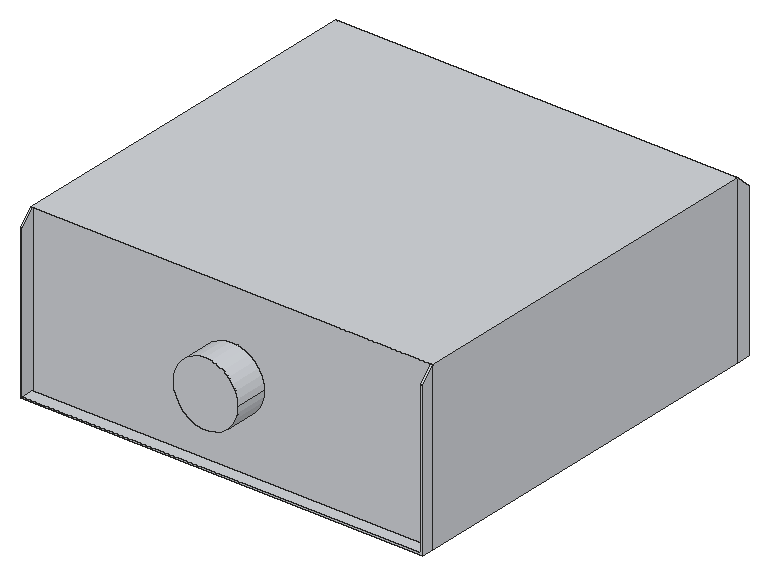
Revit family "CADS_Vent-Axia_MechEquip_Fan_ATQ - SUPPLY", category Mechanical Equipment, host Face, Revit 2020
Family settings
  Host = Face
  Round Connector Dimension = Use Diameter
  Classification = None
  Part Type = Normal
  OmniClass Number = 23.75.35.17.11
  OmniClass Title = Fans for Air Ductwork
  Cut with Voids When Loaded = No
  Shared = No
  Room Calculation Point = No
Parameters (values of type "ATQ10012D")
  WorkingPressure = 0.0 Pa
  WarrantyStartDate [instance] = "1900-12-31T23:59:59"
  WarrantyPeriod = ""
  WarrantyIdentifier = "N/A"
  WarrantyGuarantorParts = ""
  WarrantyGuarantorLabor = ""
  WarrantyGuarantor = ""
  WarrantyEndDate [instance] = "1900-12-31T23:59:59"
  WarrantyContent = ""
  W = 0 mm
  Type Image = <None>
  TemperatureRange = ""
  TagNumber [instance] = "N/A"
  SustainabilityPerformance = ""
  Status = "New"
  SpigotCLHeight = NominalHeight / 2  # 128 mm
  Size = "935mm x892mm x426mm"
  Shape = ""
  ServiceLifeType = ""
  ServiceLifeDuration = ""
  SerialNumber [instance] = "N/A"
  ReplacementCost = ""
  RatedVoltage = 0 V
  RatedCurrent = 0 A
  Quantity = 1
  ProductionYear = ""
  PressureCurve = ""
  PowerFactor = ""
  PointOfContact = ""
  OutOffset = 0 mm  # constant formula
  NumberOfPoles = 0
  NominalWidth = 622 mm
  NominalLength = 610 mm
  NominalHeight = 256 mm
  NominalFrequencyRange = ""
  NominalDiameter = 100 mm
  ModelReference = "TWIN ACOUSTIC BOX FAN, 315 DIA SPIGOTS"
  ModelNumber = "ATQ31512LD"
  Material = ""
  ManufacturerE-Mail = "tech@vent-axia.com"
  ManufacturerAddress = "Fleming Way\nCrawley \nRH10 9YX"
  L = NominalLength - 20 mm  # 590 mm
  IsExtendedWarranty = no
  InsulationStandardClass = ""
  InstallationDate [instance] = "1900-12-31T23:59:59"
  IfcExportType [instance] = ""
  IfcExportAs [instance] = "IfcFanType"
  IP_Code = ""
  HasProtectiveEarth = no
  H = 0 mm
  GrossWeight = 0.00 kg
  Grade = ""
  GlobalTradeItemNumber [instance] = "N/A"
  Fitting Type = "Ignore"
  Finish = ""
  Features = ""
  ExteriorInsulation = no
  ExpectedServiceLife = 0
  Exclusions = ""
  EBVoffset = 80.486 mm
  EBHoffset = 205.5 mm
  DurationUnit = "Year"
  Default Elevation = 1219.2 mm
  Constituents = ""
  ConductorFunction = ""
  Color = ""
  CodePerformance = ""
  Category = ""
  CADS_Usage = 0
  CADS_Index = 0
  AssetType = "FIXED"
  AssetIdentifier [instance] = "N/A"
  AssemblyPlace = "UNKNOWN"
  ArticleNumber [instance] = "N/A"
  AirflowRateRange = 0.0 L/s
  Air Flow [instance] = 0.0 L/s
  AccessibilityPerformance = ""
Types (9, lengths in mm): name | Type Image | SpigotCLHeight | Size | NominalWidth | NominalLength | NominalHeight | NominalDiameter | ModelReference | ModelNumber | L | EBVoffset | EBHoffset
  ATQ10012D | <None> | 128 | "935mm x892mm x426mm" | 622 | 610 | 256 | 100 | "TWIN ACOUSTIC BOX FAN, 315 DIA SPIGOTS" | "ATQ31512LD" | 590 | 80.486 | 205.5
  ATQ12512D | <None> | 128 | "610mm x622mm x256mm" | 622 | 610 | 256 | 125 | "TWIN ACOUSTIC BOX FAN, 125 DIA SPIGOTS" | "ATQ12512D" | 590 | 80.486 | 205.5
  ATQ15012D | <None> | 128 | "610mm x622mm x256mm" | 622 | 610 | 256 | 150 | "TWIN ACOUSTIC BOX FAN, 150 DIA SPIGOTS" | "ATQ15012D" | 590 | 80.486 | 205.5
  ATQ16012D | <None> | 128 | "610mm x622mm x256mm" | 622 | 610 | 256 | 160 | "TWIN ACOUSTIC BOX FAN, 160 DIA SPIGOTS" | "ATQ16012D" | 590 | 80.486 | 205.5
  ATQ20012D | <None> | 171.5 | "801mm x734mm x343mm" | 734 | 801 | 343 | 200 | "TWIN ACOUSTIC BOX FAN, 200 DIA SPIGOTS" | "ATQ20012D" | 781 | 131.243 | 251
  ATQ25012D | <None> | 177 | "925mm x829mm x354mm" | 829 | 925 | 354 | 250 | "TWIN ACOUSTIC BOX FAN, 250 DIA SPIGOTS" | "ATQ25012D" | 905 | 143.443 | 313
  ATQ31512LD | <None> | 213 | "935mm x892mm x426mm" | 892 | 935 | 426 | 315 | "TWIN ACOUSTIC BOX FAN, 315 DIA SPIGOTS" | "ATQ31512LD" | 915 | 207.1 | 360.95
  ATQ31514HD | <None> | 268 | "1255mm x1176mm x536mm" | 1176 | 1255 | 536 | 315 | "TWIN ACOUSTIC BOX FAN, 315 DIA SPIGOTS" | "ATQ31514HD" | 1235 | 285.4 | 374.8
  ATQ40014D | CADS_Vent-Axia_MechEquip_Fan_ATQ.jpg | 268 | "1255mm x1176mm x536mm" | 1176 | 1255 | 536 | 400 | "TWIN ACOUSTIC BOX FAN, 400 DIA SPIGOTS" | "ATQ40014D" | 1235 | 285.4 | 377
Reference planes
  plane 1 "Center (Front/Back)": y = 0
  plane 2: z = 0
  plane 3 "Center (Left/Right)": x = 0
  plane 4 "Left Face": x = -311
  plane 5 "out face": y = -295
  plane 6 "right face": x = 311
  plane 7 "in face": y = 295
  plane 8: x = 0
  plane 9: z = 128
  plane 10 "top face": z = 256
  plane 11: y = -315
  plane 12: y = 315
  plane 13: x = 331
Forms (mm)
  Extrusion 1, solid
    sketch origin (0, 0, 0) x (1, 0, 0) y (0, 1, 0)
      loop
        line (-311, 295) -> (-311, -295) -> (311, -295) -> (311, 295) -> (-311, 295)
    from 0 to 256 <- "NominalHeight"
  Extrusion 2, solid
    sketch origin (0, -295, 0) x (1, 0, 0) y (0, 0, 1)
      loop
        circle (0, 128) r 50
    from 0 to 50
  Extrusion 3, solid
    sketch origin (0, 295, 0) x (1, 0, 0) y (0, 0, -1)
      loop
        circle (0, -128) r 50
    from 0 to 51.496
  Sweep 4, solid
    path origin (0, -295, 0) x (1, 0, 0) y (0, 0, 1)
      loop
        line (-311, 256) -> (-311, 0) -> (311, 0) -> (311, 256)
    profile origin (-311, -295, 128) x (0, -1, 0) y (1, 0, 0)
      loop
        line (0, 0) -> (20, 0) -> (20, 3) -> (0, 3) -> (0, 0)
  Sweep 5, solid
    path origin (0, 295, 0) x (1, 0, 0) y (0, 0, 1)
      loop
        line (311, 256) -> (311, 0) -> (-311, 0) -> (-311, 256)
    profile origin (311, 295, 128) x (0, 1, 0) y (-1, 0, 0)
      loop
        line (20, 3) -> (0, 3) -> (0, 0) -> (20, 0) -> (20, 3)
  Sweep 6, void
    path origin (0, 0, 256) x (1, 0, 0) y (0, 1, 0)
      loop
        line (-311, -315) -> (331, -315) -> (331, 315) -> (-311, 315)
    profile origin (10, -315, 256) x (0, 1, 0) y (0, 0, 1)
      loop
        line (20, 0) -> (0, 0) -> (0, -20) -> (20, 0)
Cuts and joins
  Sweep 6 cuts Sweep 4
  Sweep 6 cuts Sweep 5
  joined: Sweep 4, Sweep 5
  Sweep 6 cuts Extrusion 1
Lines and regions (mm)
  model lines
    curve 1: line (0, 120, 256) -> (0, 0, 256)
    curve 2: line (0, 0, 256) -> (-7.765, 28.978, 256)
    curve 3: line (0, 0, 256) -> (7.765, 28.978, 256)
  model lines, not visible
    curve 4: line (-277, 442.5, 256) -> (-277, 322.5, 256)
    curve 5: line (-277, 322.5, 256) -> (-284.765, 351.478, 256)
    curve 6: line (-277, 322.5, 256) -> (-269.235, 351.478, 256)
Dimensions and locks
  "NominalWidth": plane 4 "Left Face" to plane 6 "right face"
  equal spacing: plane 4 "Left Face", plane 3 "Center (Left/Right)", plane 6 "right face"
  "L": plane 5 "out face" to plane 7 "in face"
  equal spacing: plane 5 "out face", plane 1 "Center (Front/Back)", plane 7 "in face"
  "OutOffset": plane 8 to plane 3 "Center (Left/Right)"
  "SpigotCLHeight": plane 9 to plane 2
  plane 8 to Extrusion 2 sketch curve = 0 mm
  Extrusion 3 sketch curve to plane 9 = 0 mm
  Extrusion 2 sketch curve to plane 9 = 0 mm
  "EBHoffset": nested 1 to plane 1 "Center (Front/Back)"
  "EBVoffset": nested 1 to level
  Extrusion 3 sketch curve to plane 8 = 0 mm
  "NominalHeight": level to plane 10 "top face"
  plane 5 "out face" to plane 11 = 20 mm
  plane 7 "in face" to plane 12 = 20 mm
  plane 6 "right face" to plane 13 = 20 mm
  "NominalDiameter": diameter of Extrusion 2 sketch curve
  "NominalDiameter": diameter of Extrusion 3 sketch curve
  aligned and locked: plane 2 to host face
  aligned and locked: level to host face
  aligned and locked: Sweep 4 sketch curve to plane 6 "right face"
  aligned and locked: Sweep 4 sketch curve to plane 4 "Left Face"
  aligned and locked: Sweep 6 sketch curve to plane 12
  aligned and locked: plane 13 to Sweep 6 sketch curve
  aligned and locked: profile plane to Sweep 4 sketch curve
  aligned and locked: plane 11 to Sweep 4 sketch curve
  aligned and locked: plane 1 "Center (Front/Back)" to curve 3
  aligned and locked: curve 1 to plane 3 "Center (Left/Right)"
Automatic sketch dimensions
  host sketch curve to host sketch curve = 2438.4 mm  (x2)
  Extrusion 1 sketch curve to plane 4 "Left Face" = 0 mm
  Extrusion 1 sketch curve to plane 5 "out face" = 0 mm
  Extrusion 1 sketch curve to plane 6 "right face" = 0 mm
  plane 7 "in face" to Extrusion 1 sketch curve = 0 mm
  profile plane to Sweep 4 sketch curve = 0 mm
  Sweep 4 sketch curve to profile plane = 3 mm
  Sweep 5 sketch curve to profile plane = 3 mm
  plane 7 "in face" to Sweep 5 sketch curve = 20 mm
  profile plane to Sweep 5 sketch curve = 0 mm
  Sweep 5 sketch curve to Sweep 5 sketch curve = 20 mm
  Sweep 6 sketch curve to plane 4 "Left Face" = 0 mm  (x2)
  Sweep 6 sketch curve to plane 11 = 0 mm
  Sweep 6 sketch curve to plane 10 "top face" = 0 mm
  Sweep 6 sketch curve to profile plane = 0 mm
  Sweep 6 sketch curve to Sweep 6 sketch curve = 20 mm  (x2)
  Sweep 4 sketch curve to level = 0 mm
  Sweep 4 sketch curve to plane 10 "top face" = 0 mm  (x2)
  Sweep 5 sketch curve to level = 0 mm
  Sweep 5 sketch curve to plane 4 "Left Face" = 0 mm
  plane 6 "right face" to Sweep 5 sketch curve = 0 mm
  Sweep 5 sketch curve to plane 10 "top face" = 0 mm  (x2)
Nested families
  nested 1: "Electrical Connection Box" at (-311, 205.5, 80.486) x (0, -1, 0) z (-1, 0, 0), type "Electrical Connection Box"
Connectors
  hvac at (0, -345, 128), driven by "NominalDiameter", driven by "Air Flow"
    settings: on Extrusion 2, index 1, duct flow 0.0 L/s, flow factor 0, pres drop 0.0 Pa, loss coef 0, conn angle 0.00°, conn width 304.8 mm, conn height 304.8 mm, conn diameter 100 mm, duct sys type 1, conn prof type 0, flow config 0, flow direction 2, loss method 0, conn ref index -1, conn util no, is conn primary yes, conn desc ""
  hvac at (0, 346.496, 128), driven by "NominalDiameter", driven by "Air Flow"
    settings: on Extrusion 3, index 2, duct flow 0.0 L/s, flow factor 0, pres drop 0.0 Pa, loss coef 0, conn angle 0.00°, conn width 304.8 mm, conn height 304.8 mm, conn diameter 100 mm, duct sys type 1, conn prof type 0, flow config 1, flow direction 1, loss method 0, conn ref index -1, conn util no, is conn primary no, conn desc ""
Definition of nested family "Electrical Connection Box"
  Parameters (values of type "Electrical Connection Box")
    Default Elevation = 1219.2 mm
  Reference planes
    plane 1 "Center (Front/Back)": y = 0
    plane 2: z = 0
    plane 3 "Center (Left/Right)": x = 0
    plane 4: y = 42
    plane 5: x = 62.5
  Forms (mm)
    Extrusion 1, solid
      sketch origin (0, 0, 0) x (1, 0, 0) y (0, 1, 0)
        loop
          line (-1219.2, 1219.2) -> (-1219.2, -1219.2) -> (1219.2, -1219.2) -> (1219.2, 1219.2) -> (-1219.2, 1219.2)
      from 0 to -304.8
    Extrusion 2, solid
      sketch origin (-62.5, -42, 0) x (1, 0, 0) y (0, 1, 0)
        loop
          arc (12, 84) -> (3.515, 80.485) -> (0, 72) r 12
          line (0, 72) -> (0, 12)
          arc (0, 12) -> (3.515, 3.515) -> (12, 0) r 12
          line (12, 0) -> (113, 0)
          arc (113, 0) -> (121.485, 3.515) -> (125, 12) r 12
          line (125, 12) -> (125, 72)
          arc (125, 72) -> (121.485, 80.485) -> (113, 84) r 12
          line (113, 84) -> (12, 84)
      from 0 to 45
    Extrusion 3, solid
      sketch origin (62.5, 55.228, -0.59) x (0, -1, 0) y (0, 0, -1)
        loop
          circle (38.228, -23.09) r 11
      from 0 to 3
    Extrusion 4, solid
      sketch origin (181.936, -42, 22.909) x (-1, 0, 0) y (0, 0, -1)
        loop
          circle (154.436, 0.409) r 11
      from 0 to 3
    Extrusion 5, solid
      sketch origin (121.936, -42, 22.909) x (-1, 0, 0) y (0, 0, -1)
        loop
          circle (154.436, 0.409) r 11
      from 0 to 3
  Dimensions and locks
    aligned and locked: plane 2 to Extrusion 1
    aligned and locked: level to Extrusion 1
